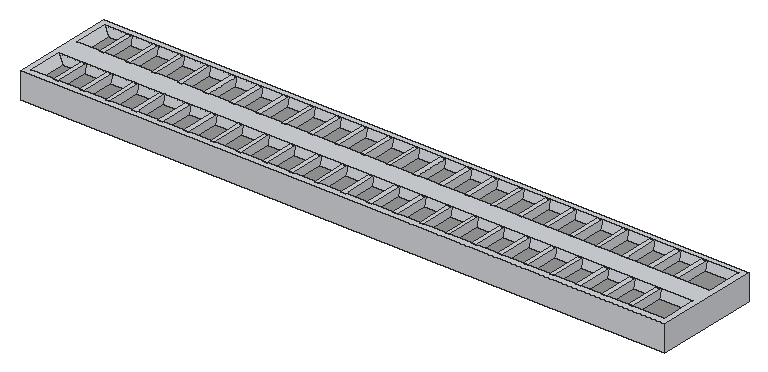
Revit family "0054235 Sylvania Lighting Fixture RANA NEO 7500LM S 1200 840 CC 2L WHITE", category Lighting Fixtures, host Face, Revit 2016
Family settings
  Host = Face
  Part Type = Normal
  Round Connector Dimension = Use Diameter
  OmniClass Number = 23.80.70.00
  OmniClass Title = Lighting
  Cut with Voids When Loaded = No
  Light Source = Yes
  Shared = No
  Room Calculation Point = No
Parameters (values of type "0054235 RANA NEO 7500LM S 1200 840 CC 2L WHT")
  louvre width = 63 mm
  louvre spacing = 165 mm
  louvre Length = 1140 mm
  extrusion length 1 = 10 mm
  Width = 187 mm
  Weight = "n/a"
  Wattage Comments = ""
  Wattage = 193.079 W
  WarrantyStartDate [instance] = "n/a"
  WarrantyGuarantorParts = "n/a"
  WarrantyDurationUnit = "n/a"
  WarrantyDurationParts = ""
  WarrantyDescription = "http://www.sylvania-lighting.com"
  built-in parameter 1150110 = 1 (stored number, unit not read)
  Voltage = 0 V
  URL = "0.95"
  Type Image = <None>
  Type Comments = "n/a"
  built-in parameter 1114217 = 1 (stored number, unit not read)
  Tilt Angle = -90.00°
  built-in parameter 1150109 = 1 (stored number, unit not read)
  built-in parameter 1150134 = (empty or 0)
  built-in parameter 1150113 = 1 (stored number, unit not read)
  SerialNumber [instance] = "n/a"
  Photometric Web File = "0054235.ies"
  Material_3_SYL = none
  PowerFactor = 0.95
  PowerConsumption = "Lighting"
  ModelNumber = "0054235"
  Model = "RANA NEO 7500LM S 1200 840 CC 2L WHITE"
  Material = "Feilo Sylvania"
  ManufacturerName = "132 lm/W"
  Manufacturer = ""
  LuminousEfficacy = ""
  built-in parameter 1150105 = 1536.5 (stored number, unit not read)
  Lumens = 19307.9 lm
  LuminaireType = "0"
  built-in parameter 1150115 = 1 (stored number, unit not read)
  Louvre width = 63 mm
  Louvre depth width = 55 mm
  LightOutputRatio = "LED"
  built-in parameter 1150137 = (empty or 0)
  built-in parameter 1150139 = (empty or 0)
  Length = 1160 mm
  LampsType = Lamp  # "n/a"
  LampNominalLuminous = "4000 K"
  LampMacAdamStep = "80"
  LampColourTemperature = "LED"
  LampColourRenderingIndex = "16500"
  built-in parameter 1150112 = 1 (stored number, unit not read)
  built-in parameter 1150114 = 1 (stored number, unit not read)
  Lamp = "n/a"
  Keynote = "n/a"
  InstallationDate [instance] = "n/a"
  InputVoltage = "0"
  InputNominalFrequency = "4000"
  built-in parameter 1150132 = (empty or 0)
  built-in parameter 1150102 = (empty or 0)
  built-in parameter 1150107 = 3000 (stored number, unit not read)
  built-in parameter 1150138 = (empty or 0)
  IngressProtection = "IfcLightFixtureType"
  ImpactProtectionIndex = "IfcLightFixtureType"
  built-in parameter 1150106 = 15.365 (stored number, unit not read)
  IfcExportType = "IfcLightFixtureType"
  IfcExportAs = "Class I"
  Height = 47 mm
  Extrusion Length 2 = 10 mm
  Emit from Rectangle Width = 282 mm
  Emit from Rectangle Length = 542 mm
  Emit Shape Visible in Rendering = no
  ElectricShockClassification = "132"
  built-in parameter 1150104 = 9.2903 (stored number, unit not read)
  DocumentationLiterature = "http://www.sylvania-lighting.com/product/en-int/products/0054235"
  DimmingControlOptions = "n/a"
  Material_2_SYL = none
  Dimming Lamp Color Temperature Shift = <None>
  Description = "Surface or Suspended LED Linear luminaire with Micro Prismatic Optic, Direct Light Distribution, Luminaire Dimensions: 1160x187x56mm, White body colour, IP20, IK07, Constant Current, Low LED flicker (+/-5%), Neutral White (4000K) LED Colour Temperature, 7500lm, 57W, 131lm/W efficacy, CRI>80, 3 SDCM (3-step MacAdam ellipse) LED Colour Consistency, UGR<18, Luminance at 65° < 3000 cd/m2, Lumen Maintenance: L70B50 at 60,000 hours, Quick electrical connection with push-connectors in the luminaire, Glow Wire Test 850°C."
  Default Elevation = 1219.2 mm
  CreatedOn = "09/03/2020"
  CreatedBy = "@sylvania-lighting.com"
  Cost = 0
  Color Filter = 16777215
  built-in parameter 1114216 [instance] = (empty or 0)
  ClassificationValue = "EF_70_80"
  ClassificationName = "Uniclass2015"
  Material_1_SYL = Body-Sylvania-Rana-White
  BarCode [instance] = "n/a"
  built-in parameter 1114218 = 1 (stored number, unit not read)
  built-in parameter 1150133 = 10 (stored number, unit not read)
  AssetType = "Fixed"
  AssetIdentifier [instance] = "n/a"
  Assembly Code = "D5020200"
  Apparent Load = 57 VA
  Material_4_SYL = none
Reference planes
  plane 1 "Center (Front/Back)": y = 0
  plane 2: z = 0
  plane 3 "Center (Left/Right)": x = 0
  plane 4: x = -570
  plane 5: x = 570
  plane 6: z = -120
  plane 7: z = -3
  plane 8: z = -12
  plane 9: z = -29
  plane 10: z = -60
  plane 11: y = 93.5
  plane 12: y = -93.5
  plane 13: x = -580
  plane 14: x = 580
  plane 15: x = -560
  plane 16: x = 560
  plane 17: x = -666
  plane 18: x = -619
  plane 19: x = -572
  plane 20: x = -525
  plane 21: x = -478
  plane 22: x = -431
  plane 23: x = -384
  plane 24: x = -337
  plane 25: x = -290
  plane 26: x = -243
  plane 27: x = -196
  plane 28: x = -149
  plane 29: x = -102
  plane 30: x = -55
  plane 31: x = -8
  plane 32: x = 39
  plane 33: x = 86
  plane 34: x = 133
  plane 35: x = 180
  plane 36: x = 227
  plane 37: x = 274
  plane 38: x = 321
  plane 39: x = 368
  plane 40: x = 415
  plane 41: x = 462
  plane 42: x = 509
  plane 43: x = -670
  plane 44: x = -662
  plane 45: z = 47
  plane 46: y = -82.5
  plane 47: y = 83.555
  plane 48: x = -700
  plane 49: x = 700
  plane 50: y = -19.5
  plane 51: y = -78.5
  plane 52: y = -23.5
Forms (mm)
  Extrusion 1, solid, detail levels medium+fine
    sketch origin (0, 0, 0) x (1, 0, 0) y (0, 1, 0)
      loop
        line (-580, 93.5) -> (-580, -93.5) -> (580, -93.5) -> (580, 93.5) -> (-580, 93.5)
    from 0 to 47
  Blend 2, void, detail levels medium+fine
    base sketch origin (0, 52.034, 0) x (1, 0, 0) y (0, 1, 0)
      loop
        line (-570, 31.5) -> (-570, -31.5) -> (570, -31.5) -> (570, 31.5) -> (-570, 31.5)
    top sketch origin (0, 52.034, 0) x (1, 0, 0) y (0, 1, 0)
      loop
        line (560, 27.5) -> (-560, 27.5) -> (-560, -27.5) -> (560, -27.5) -> (560, 27.5)
    from 47 to 32
  Extrusion 3, solid, detail levels fine
    sketch origin (141, 22.996, 0) x (1, 0, 0) y (0, 1, 0)
      loop
        line (-670, 60.538) -> (-670, -2.462) -> (-662, -2.462) -> (-662, 60.538) -> (-670, 60.538)
    from 32 to 47
  Extrusion 4, solid, detail levels fine
    sketch origin (188, 22.996, 0) x (1, 0, 0) y (0, 1, 0)
      loop
        line (-670, 60.538) -> (-670, -2.462) -> (-662, -2.462) -> (-662, 60.538) -> (-670, 60.538)
    from 32 to 47
  Extrusion 5, solid, detail levels fine
    sketch origin (235, 22.996, 0) x (1, 0, 0) y (0, 1, 0)
      loop
        line (-670, 60.538) -> (-670, -2.462) -> (-662, -2.462) -> (-662, 60.538) -> (-670, 60.538)
    from 32 to 47
  Extrusion 6, solid, detail levels fine
    sketch origin (282, 22.996, 0) x (1, 0, 0) y (0, 1, 0)
      loop
        line (-670, 60.538) -> (-670, -2.462) -> (-662, -2.462) -> (-662, 60.538) -> (-670, 60.538)
    from 32 to 47
  Extrusion 7, solid, detail levels fine
    sketch origin (329, 22.996, 0) x (1, 0, 0) y (0, 1, 0)
      loop
        line (-670, 60.538) -> (-670, -2.462) -> (-662, -2.462) -> (-662, 60.538) -> (-670, 60.538)
    from 32 to 47
  Extrusion 8, solid, detail levels fine
    sketch origin (376, 22.996, 0) x (1, 0, 0) y (0, 1, 0)
      loop
        line (-670, 60.538) -> (-670, -2.462) -> (-662, -2.462) -> (-662, 60.538) -> (-670, 60.538)
    from 32 to 47
  Extrusion 9, solid, detail levels fine
    sketch origin (423, 22.996, 0) x (1, 0, 0) y (0, 1, 0)
      loop
        line (-670, 60.538) -> (-670, -2.462) -> (-662, -2.462) -> (-662, 60.538) -> (-670, 60.538)
    from 32 to 47
  Extrusion 10, solid, detail levels fine
    sketch origin (470, 22.996, 0) x (1, 0, 0) y (0, 1, 0)
      loop
        line (-670, 60.538) -> (-670, -2.462) -> (-662, -2.462) -> (-662, 60.538) -> (-670, 60.538)
    from 32 to 47
  Extrusion 11, solid, detail levels fine
    sketch origin (517, 22.996, 0) x (1, 0, 0) y (0, 1, 0)
      loop
        line (-670, 60.538) -> (-670, -2.462) -> (-662, -2.462) -> (-662, 60.538) -> (-670, 60.538)
    from 32 to 47
  Extrusion 12, solid, detail levels fine
    sketch origin (564, 22.996, 0) x (1, 0, 0) y (0, 1, 0)
      loop
        line (-670, 60.538) -> (-670, -2.462) -> (-662, -2.462) -> (-662, 60.538) -> (-670, 60.538)
    from 32 to 47
  Extrusion 13, solid, detail levels fine
    sketch origin (611, 22.996, 0) x (1, 0, 0) y (0, 1, 0)
      loop
        line (-670, 60.538) -> (-670, -2.462) -> (-662, -2.462) -> (-662, 60.538) -> (-670, 60.538)
    from 32 to 47
  Extrusion 14, solid, detail levels fine
    sketch origin (705, 22.996, 0) x (1, 0, 0) y (0, 1, 0)
      loop
        line (-670, 60.538) -> (-670, -2.462) -> (-662, -2.462) -> (-662, 60.538) -> (-670, 60.538)
    from 32 to 47
  Extrusion 15, solid, detail levels fine
    sketch origin (752, 22.996, 0) x (1, 0, 0) y (0, 1, 0)
      loop
        line (-670, 60.538) -> (-670, -2.462) -> (-662, -2.462) -> (-662, 60.538) -> (-670, 60.538)
    from 32 to 47
  Extrusion 16, solid, detail levels fine
    sketch origin (799, 22.996, 0) x (1, 0, 0) y (0, 1, 0)
      loop
        line (-670, 60.538) -> (-670, -2.462) -> (-662, -2.462) -> (-662, 60.538) -> (-670, 60.538)
    from 32 to 47
  Extrusion 17, solid, detail levels fine
    sketch origin (846, 22.996, 0) x (1, 0, 0) y (0, 1, 0)
      loop
        line (-670, 60.538) -> (-670, -2.462) -> (-662, -2.462) -> (-662, 60.538) -> (-670, 60.538)
    from 32 to 47
  Extrusion 18, solid, detail levels fine
    sketch origin (893, 22.996, 0) x (1, 0, 0) y (0, 1, 0)
      loop
        line (-670, 60.538) -> (-670, -2.462) -> (-662, -2.462) -> (-662, 60.538) -> (-670, 60.538)
    from 32 to 47
  Extrusion 19, solid, detail levels fine
    sketch origin (940, 22.996, 0) x (1, 0, 0) y (0, 1, 0)
      loop
        line (-670, 60.538) -> (-670, -2.462) -> (-662, -2.462) -> (-662, 60.538) -> (-670, 60.538)
    from 32 to 47
  Extrusion 20, solid, detail levels fine
    sketch origin (987, 22.996, 0) x (1, 0, 0) y (0, 1, 0)
      loop
        line (-670, 60.538) -> (-670, -2.462) -> (-662, -2.462) -> (-662, 60.538) -> (-670, 60.538)
    from 32 to 47
  Extrusion 21, solid, detail levels fine
    sketch origin (1034, 22.996, 0) x (1, 0, 0) y (0, 1, 0)
      loop
        line (-670, 60.538) -> (-670, -2.462) -> (-662, -2.462) -> (-662, 60.538) -> (-670, 60.538)
    from 32 to 47
  Extrusion 22, solid, detail levels fine
    sketch origin (1081, 22.996, 0) x (1, 0, 0) y (0, 1, 0)
      loop
        line (-670, 60.538) -> (-670, -2.462) -> (-662, -2.462) -> (-662, 60.538) -> (-670, 60.538)
    from 32 to 47
  Extrusion 23, solid, detail levels fine
    sketch origin (1128, 22.996, 0) x (1, 0, 0) y (0, 1, 0)
      loop
        line (-670, 60.538) -> (-670, -2.462) -> (-662, -2.462) -> (-662, 60.538) -> (-670, 60.538)
    from 32 to 47
  Extrusion 24, solid, detail levels fine
    sketch origin (1300.966, 22.962, 0) x (1, 0, 0) y (0, 1, 0)
      loop
        line (-796, 60.538) -> (-796, -2.462) -> (-788, -2.462) -> (-788, 60.538) -> (-796, 60.538)
    from 32 to 47
  Extrusion 25, solid, detail levels fine
    sketch origin (658, 22.996, 0) x (1, 0, 0) y (0, 1, 0)
      loop
        line (-670, 60.538) -> (-670, -2.462) -> (-662, -2.462) -> (-662, 60.538) -> (-670, 60.538)
    from 32 to 47
  Extrusion 26, solid, material "Glass, White, High Luminance", detail levels fine
    sketch origin (0.967, 156.629, 0) x (1, 0, 0) y (0, 1, 0)
      loop
        line (-560.967, -77.094) -> (-560.967, -132.094) -> (559.033, -132.094) -> (559.033, -77.094) -> (-560.967, -77.094)
    from 32 to 33
  Extrusion 27, solid, not visible, detail levels fine
    sketch origin (0, 51.341, 0) x (1, 0, 0) y (0, 1, 0)
      loop
        line (-670, 31.659) -> (-670, -31.341) -> (-662, -31.341) -> (-662, 31.659) -> (-670, 31.659)
    from 34.209 to 47
  Extrusion 28, solid, not visible, detail levels fine
    sketch origin (47, 22.996, 0) x (1, 0, 0) y (0, 1, 0)
      loop
        line (-670, 60.004) -> (-670, -2.996) -> (-662, -2.996) -> (-662, 60.004) -> (-670, 60.004)
    from 34.209 to 47
  Extrusion 29, solid, not visible, detail levels fine
    sketch origin (94, 22.996, 0) x (1, 0, 0) y (0, 1, 0)
      loop
        line (-670, 60.004) -> (-670, -2.996) -> (-662, -2.996) -> (-662, 60.004) -> (-670, 60.004)
    from 34.209 to 47
  Extrusion 30, solid, not visible, detail levels fine
    sketch origin (141, 22.996, 0) x (1, 0, 0) y (0, 1, 0)
      loop
        line (-670, 60.004) -> (-670, -2.996) -> (-662, -2.996) -> (-662, 60.004) -> (-670, 60.004)
    from 34.209 to 47
  Extrusion 31, solid, not visible, detail levels fine
    sketch origin (188, 22.996, 0) x (1, 0, 0) y (0, 1, 0)
      loop
        line (-670, 60.004) -> (-670, -2.996) -> (-662, -2.996) -> (-662, 60.004) -> (-670, 60.004)
    from 34.209 to 47
  Extrusion 32, solid, not visible, detail levels fine
    sketch origin (235, 22.996, 0) x (1, 0, 0) y (0, 1, 0)
      loop
        line (-670, 60.004) -> (-670, -2.996) -> (-662, -2.996) -> (-662, 60.004) -> (-670, 60.004)
    from 34.209 to 47
  Extrusion 33, solid, not visible, detail levels fine
    sketch origin (282, 22.996, 0) x (1, 0, 0) y (0, 1, 0)
      loop
        line (-670, 60.004) -> (-670, -2.996) -> (-662, -2.996) -> (-662, 60.004) -> (-670, 60.004)
    from 34.209 to 47
  Extrusion 34, solid, not visible, detail levels fine
    sketch origin (329, 22.996, 0) x (1, 0, 0) y (0, 1, 0)
      loop
        line (-670, 60.004) -> (-670, -2.996) -> (-662, -2.996) -> (-662, 60.004) -> (-670, 60.004)
    from 34.209 to 47
  Extrusion 35, solid, not visible, detail levels fine
    sketch origin (376, 22.996, 0) x (1, 0, 0) y (0, 1, 0)
      loop
        line (-670, 60.004) -> (-670, -2.996) -> (-662, -2.996) -> (-662, 60.004) -> (-670, 60.004)
    from 34.209 to 47
  Extrusion 36, solid, not visible, detail levels fine
    sketch origin (423, 22.996, 0) x (1, 0, 0) y (0, 1, 0)
      loop
        line (-670, 60.004) -> (-670, -2.996) -> (-662, -2.996) -> (-662, 60.004) -> (-670, 60.004)
    from 34.209 to 47
  Extrusion 37, solid, not visible, detail levels fine
    sketch origin (470, 22.996, 0) x (1, 0, 0) y (0, 1, 0)
      loop
        line (-670, 60.004) -> (-670, -2.996) -> (-662, -2.996) -> (-662, 60.004) -> (-670, 60.004)
    from 34.209 to 47
  Extrusion 38, solid, not visible, detail levels fine
    sketch origin (517, 22.996, 0) x (1, 0, 0) y (0, 1, 0)
      loop
        line (-670, 60.004) -> (-670, -2.996) -> (-662, -2.996) -> (-662, 60.004) -> (-670, 60.004)
    from 34.209 to 47
  Extrusion 39, solid, not visible, detail levels fine
    sketch origin (564, 22.996, 0) x (1, 0, 0) y (0, 1, 0)
      loop
        line (-670, 60.004) -> (-670, -2.996) -> (-662, -2.996) -> (-662, 60.004) -> (-670, 60.004)
    from 34.209 to 47
  Extrusion 40, solid, not visible, detail levels fine
    sketch origin (611, 22.996, 0) x (1, 0, 0) y (0, 1, 0)
      loop
        line (-670, 60.004) -> (-670, -2.996) -> (-662, -2.996) -> (-662, 60.004) -> (-670, 60.004)
    from 34.209 to 47
  Extrusion 41, solid, not visible, detail levels fine
    sketch origin (705, 22.996, 0) x (1, 0, 0) y (0, 1, 0)
      loop
        line (-670, 60.004) -> (-670, -2.996) -> (-662, -2.996) -> (-662, 60.004) -> (-670, 60.004)
    from 34.209 to 47
  Extrusion 42, solid, not visible, detail levels fine
    sketch origin (752, 22.996, 0) x (1, 0, 0) y (0, 1, 0)
      loop
        line (-670, 60.004) -> (-670, -2.996) -> (-662, -2.996) -> (-662, 60.004) -> (-670, 60.004)
    from 34.209 to 47
  Extrusion 43, solid, not visible, detail levels fine
    sketch origin (799, 22.996, 0) x (1, 0, 0) y (0, 1, 0)
      loop
        line (-670, 60.004) -> (-670, -2.996) -> (-662, -2.996) -> (-662, 60.004) -> (-670, 60.004)
    from 34.209 to 47
  Extrusion 44, solid, not visible, detail levels fine
    sketch origin (846, 22.996, 0) x (1, 0, 0) y (0, 1, 0)
      loop
        line (-670, 60.004) -> (-670, -2.996) -> (-662, -2.996) -> (-662, 60.004) -> (-670, 60.004)
    from 34.209 to 47
  Extrusion 45, solid, not visible, detail levels fine
    sketch origin (893, 22.996, 0) x (1, 0, 0) y (0, 1, 0)
      loop
        line (-670, 60.004) -> (-670, -2.996) -> (-662, -2.996) -> (-662, 60.004) -> (-670, 60.004)
    from 34.209 to 47
  Extrusion 46, solid, not visible, detail levels fine
    sketch origin (940, 22.996, 0) x (1, 0, 0) y (0, 1, 0)
      loop
        line (-670, 60.132) -> (-670, -2.996) -> (-662, -2.996) -> (-662, 60.132) -> (-670, 60.132)
    from 34.209 to 47
  Extrusion 47, solid, not visible, detail levels fine
    sketch origin (987, 22.996, 0) x (1, 0, 0) y (0, 1, 0)
      loop
        line (-670, 60.004) -> (-670, -2.996) -> (-662, -2.996) -> (-662, 60.004) -> (-670, 60.004)
    from 34.209 to 47
  Extrusion 48, solid, not visible, detail levels fine
    sketch origin (1034, 22.996, 0) x (1, 0, 0) y (0, 1, 0)
      loop
        line (-670, 60.004) -> (-670, -2.996) -> (-662, -2.996) -> (-662, 60.004) -> (-670, 60.004)
    from 34.209 to 47
  Extrusion 49, solid, not visible, detail levels fine
    sketch origin (1081, 22.996, 0) x (1, 0, 0) y (0, 1, 0)
      loop
        line (-670, 60.004) -> (-670, -2.996) -> (-662, -2.996) -> (-662, 60.004) -> (-670, 60.004)
    from 34.209 to 47
  Extrusion 50, solid, not visible, detail levels fine
    sketch origin (1128, 22.996, 0) x (1, 0, 0) y (0, 1, 0)
      loop
        line (-670, 60.132) -> (-670, -2.996) -> (-662, -2.996) -> (-662, 60.132) -> (-670, 60.132)
    from 34.209 to 47
  Extrusion 51, solid, not visible, detail levels fine
    sketch origin (1175, 22.996, 0) x (1, 0, 0) y (0, 1, 0)
      loop
        line (-670, 60.004) -> (-670, -2.996) -> (-662, -2.996) -> (-662, 60.004) -> (-670, 60.004)
    from 34.209 to 47
  Extrusion 52, solid, not visible, detail levels fine
    sketch origin (1222, 22.996, 0) x (1, 0, 0) y (0, 1, 0)
      loop
        line (-670, 60.004) -> (-670, -2.996) -> (-662, -2.996) -> (-662, 60.004) -> (-670, 60.004)
    from 34.209 to 47
  Extrusion 53, solid, not visible, detail levels fine
    sketch origin (1269, 22.996, 0) x (1, 0, 0) y (0, 1, 0)
      loop
        line (-656, 60.004) -> (-656, -2.996) -> (-648, -2.996) -> (-648, 60.004) -> (-656, 60.004)
    from 34.209 to 47
  Extrusion 54, solid, not visible, detail levels fine
    sketch origin (1316, 22.996, 0) x (1, 0, 0) y (0, 1, 0)
      loop
        line (-656, 60.004) -> (-656, -2.996) -> (-648, -2.996) -> (-648, 60.004) -> (-656, 60.004)
    from 34.209 to 47
  Extrusion 55, solid, not visible, detail levels fine
    sketch origin (658, 22.996, 0) x (1, 0, 0) y (0, 1, 0)
      loop
        line (-670, 60.004) -> (-670, -2.996) -> (-662, -2.996) -> (-662, 60.004) -> (-670, 60.004)
    from 34.209 to 47
  Extrusion 56, solid, material <- "Material_4_SYL", not visible, detail levels fine
    sketch origin (0.967, 156.629, 0) x (1, 0, 0) y (0, 1, 0)
      loop
        line (-699.967, -77.629) -> (-699.967, -132.629) -> (700.033, -132.629) -> (700.033, -77.629) -> (-699.967, -77.629)
    from 34.209 to 35.216
  Blend 57, void
    base sketch origin (0, 0, 0) x (1, 0, 0) y (0, 1, 0)
      loop
        line (-570, -19.5) -> (-570, -82.5) -> (570, -82.5) -> (570, -19.5) -> (-570, -19.5)
    top sketch origin (0, 0, 0) x (1, 0, 0) y (0, 1, 0)
      loop
        line (-560, -23.5) -> (-560, -78.5) -> (560, -78.5) -> (560, -23.5) -> (-560, -23.5)
    from 47 to 32
  Extrusion 58, solid, detail levels fine
    sketch origin (141, -53.659, 0) x (1, 0, 0) y (0, 1, 0)
      loop
        line (-670, 34.159) -> (-670, -28.841) -> (-662, -28.841) -> (-662, 34.159) -> (-670, 34.159)
    from 32 to 47
  Extrusion 59, solid, detail levels fine
    sketch origin (188, -53.659, 0) x (1, 0, 0) y (0, 1, 0)
      loop
        line (-670, 34.159) -> (-670, -28.841) -> (-662, -28.841) -> (-662, 34.159) -> (-670, 34.159)
    from 32 to 47
  Extrusion 60, solid, detail levels fine
    sketch origin (235, -53.659, 0) x (1, 0, 0) y (0, 1, 0)
      loop
        line (-670, 34.159) -> (-670, -28.841) -> (-662, -28.841) -> (-662, 34.159) -> (-670, 34.159)
    from 32 to 47
  Extrusion 61, solid, detail levels fine
    sketch origin (282, -53.659, 0) x (1, 0, 0) y (0, 1, 0)
      loop
        line (-670, 34.159) -> (-670, -28.841) -> (-662, -28.841) -> (-662, 34.159) -> (-670, 34.159)
    from 32 to 47
  Extrusion 62, solid, detail levels fine
    sketch origin (329, -53.659, 0) x (1, 0, 0) y (0, 1, 0)
      loop
        line (-670, 34.159) -> (-670, -28.841) -> (-662, -28.841) -> (-662, 34.159) -> (-670, 34.159)
    from 32 to 47
  Extrusion 63, solid, detail levels fine
    sketch origin (376, -53.659, 0) x (1, 0, 0) y (0, 1, 0)
      loop
        line (-670, 34.159) -> (-670, -28.841) -> (-662, -28.841) -> (-662, 34.159) -> (-670, 34.159)
    from 32 to 47
  Extrusion 64, solid, detail levels fine
    sketch origin (423, -53.659, 0) x (1, 0, 0) y (0, 1, 0)
      loop
        line (-670, 34.159) -> (-670, -28.841) -> (-662, -28.841) -> (-662, 34.159) -> (-670, 34.159)
    from 32 to 47
  Extrusion 65, solid, detail levels fine
    sketch origin (470, -53.659, 0) x (1, 0, 0) y (0, 1, 0)
      loop
        line (-670, 34.159) -> (-670, -28.841) -> (-662, -28.841) -> (-662, 34.159) -> (-670, 34.159)
    from 32 to 47
  Extrusion 66, solid, detail levels fine
    sketch origin (517, -53.659, 0) x (1, 0, 0) y (0, 1, 0)
      loop
        line (-670, 34.159) -> (-670, -28.841) -> (-662, -28.841) -> (-662, 34.159) -> (-670, 34.159)
    from 32 to 47
  Extrusion 67, solid, detail levels fine
    sketch origin (564, -53.659, 0) x (1, 0, 0) y (0, 1, 0)
      loop
        line (-670, 34.159) -> (-670, -28.841) -> (-662, -28.841) -> (-662, 34.159) -> (-670, 34.159)
    from 32 to 47
  Extrusion 68, solid, detail levels fine
    sketch origin (611, -53.659, 0) x (1, 0, 0) y (0, 1, 0)
      loop
        line (-670, 34.159) -> (-670, -28.841) -> (-662, -28.841) -> (-662, 34.159) -> (-670, 34.159)
    from 32 to 47
  Extrusion 69, solid, detail levels fine
    sketch origin (658, -53.659, 0) x (1, 0, 0) y (0, 1, 0)
      loop
        line (-670, 34.159) -> (-670, -28.841) -> (-662, -28.841) -> (-662, 34.159) -> (-670, 34.159)
    from 32 to 47
  Extrusion 70, solid, detail levels fine
    sketch origin (705, -53.659, 0) x (1, 0, 0) y (0, 1, 0)
      loop
        line (-670, 34.159) -> (-670, -28.841) -> (-662, -28.841) -> (-662, 34.159) -> (-670, 34.159)
    from 32 to 47
  Extrusion 71, solid, detail levels fine
    sketch origin (752, -53.659, 0) x (1, 0, 0) y (0, 1, 0)
      loop
        line (-670, 34.159) -> (-670, -28.841) -> (-662, -28.841) -> (-662, 34.159) -> (-670, 34.159)
    from 32 to 47
  Extrusion 72, solid, detail levels fine
    sketch origin (799, -53.659, 0) x (1, 0, 0) y (0, 1, 0)
      loop
        line (-670, 34.159) -> (-670, -28.841) -> (-662, -28.841) -> (-662, 34.159) -> (-670, 34.159)
    from 32 to 47
  Extrusion 73, solid, detail levels fine
    sketch origin (846, -53.659, 0) x (1, 0, 0) y (0, 1, 0)
      loop
        line (-670, 34.159) -> (-670, -28.841) -> (-662, -28.841) -> (-662, 34.159) -> (-670, 34.159)
    from 32 to 47
  Extrusion 74, solid, detail levels fine
    sketch origin (893, -53.659, 0) x (1, 0, 0) y (0, 1, 0)
      loop
        line (-670, 34.159) -> (-670, -28.841) -> (-662, -28.841) -> (-662, 34.159) -> (-670, 34.159)
    from 32 to 47
  Extrusion 75, solid, detail levels fine
    sketch origin (940, -53.659, 0) x (1, 0, 0) y (0, 1, 0)
      loop
        line (-670, 34.159) -> (-670, -28.841) -> (-662, -28.841) -> (-662, 34.159) -> (-670, 34.159)
    from 32 to 47
  Extrusion 76, solid, detail levels fine
    sketch origin (987, -53.659, 0) x (1, 0, 0) y (0, 1, 0)
      loop
        line (-670, 34.159) -> (-670, -28.841) -> (-662, -28.841) -> (-662, 34.159) -> (-670, 34.159)
    from 32 to 47
  Extrusion 77, solid, detail levels fine
    sketch origin (1034, -53.659, 0) x (1, 0, 0) y (0, 1, 0)
      loop
        line (-670, 34.159) -> (-670, -28.841) -> (-662, -28.841) -> (-662, 34.159) -> (-670, 34.159)
    from 32 to 47
  Extrusion 78, solid, detail levels fine
    sketch origin (1081, -53.659, 0) x (1, 0, 0) y (0, 1, 0)
      loop
        line (-670, 34.159) -> (-670, -28.841) -> (-662, -28.841) -> (-662, 34.159) -> (-670, 34.159)
    from 32 to 47
  Extrusion 79, solid, detail levels fine
    sketch origin (1128, -53.659, 0) x (1, 0, 0) y (0, 1, 0)
      loop
        line (-670, 34.159) -> (-670, -28.841) -> (-662, -28.841) -> (-662, 34.159) -> (-670, 34.159)
    from 32 to 47
  Extrusion 80, solid, detail levels fine
    sketch origin (1175, -53.659, 0) x (1, 0, 0) y (0, 1, 0)
      loop
        line (-670, 34.159) -> (-670, -28.841) -> (-662, -28.841) -> (-662, 34.159) -> (-670, 34.159)
    from 32 to 47
  Extrusion 81, solid, material "Glass, White, High Luminance", detail levels fine
    sketch origin (0, 0, 0) x (1, 0, 0) y (0, 1, 0)
      loop
        line (-560, -23.5) -> (-560, -78.5) -> (560, -78.5) -> (560, -23.5) -> (-560, -23.5)
    from 33 to 32
  Extrusion 82, solid, detail levels coarse
    sketch origin (0, 0, 0) x (1, 0, 0) y (0, 1, 0)
      loop
        line (-580, 93.5) -> (-580, -93.5) -> (580, -93.5) -> (580, 93.5) -> (-580, 93.5)
    from 0 to 47
Cuts and joins
  Blend 2, Blend 57 cuts Extrusion 1
Dimensions and locks
  equal spacing: plane 4, plane 3 "Center (Left/Right)", plane 5
  locked: plane 2 to plane 6 at 120
  locked: plane 2 to plane 7 at 3
  locked: plane 2 to plane 8 at 12
  locked: plane 9 to plane 8 at 17
  locked: plane 2 to plane 10 at 60
  "louvre Length": plane 4 to plane 5
  "Width": plane 11 to plane 12
  equal spacing: plane 11, plane 1 "Center (Front/Back)", plane 12
  "Length": plane 13 to plane 14
  equal spacing: plane 13, plane 3 "Center (Left/Right)", plane 14
  "extrusion length 1": plane 4 to plane 15
  "Extrusion Length 2": plane 16 to plane 5
  "Height": plane 45 to level
  "louvre width": plane 50 to plane 46
  aligned and locked: plane 2 to host face
  aligned and locked: level to host face
Automatic sketch dimensions
  Extrusion 27 sketch curve to Extrusion 27 sketch curve = 8 mm
  Extrusion 27 sketch curve to Extrusion 27 sketch curve = 63 mm
  Extrusion 28 sketch curve to Extrusion 28 sketch curve = 8 mm
  Extrusion 28 sketch curve to Extrusion 28 sketch curve = 63 mm
  Extrusion 29 sketch curve to Extrusion 29 sketch curve = 8 mm
  Extrusion 29 sketch curve to Extrusion 29 sketch curve = 63 mm
  Extrusion 30 sketch curve to Extrusion 30 sketch curve = 8 mm
  Extrusion 30 sketch curve to Extrusion 30 sketch curve = 63 mm
  Extrusion 31 sketch curve to Extrusion 31 sketch curve = 8 mm
  Extrusion 31 sketch curve to Extrusion 31 sketch curve = 63 mm
  Extrusion 32 sketch curve to Extrusion 32 sketch curve = 8 mm
  Extrusion 32 sketch curve to Extrusion 32 sketch curve = 63 mm
  Extrusion 33 sketch curve to Extrusion 33 sketch curve = 8 mm
  Extrusion 33 sketch curve to Extrusion 33 sketch curve = 63 mm
  Extrusion 34 sketch curve to Extrusion 34 sketch curve = 8 mm
  Extrusion 34 sketch curve to Extrusion 34 sketch curve = 63 mm
  Extrusion 35 sketch curve to Extrusion 35 sketch curve = 8 mm
  Extrusion 35 sketch curve to Extrusion 35 sketch curve = 63 mm
  Extrusion 36 sketch curve to Extrusion 36 sketch curve = 8 mm
  Extrusion 36 sketch curve to Extrusion 36 sketch curve = 63 mm
  Extrusion 37 sketch curve to Extrusion 37 sketch curve = 8 mm
  Extrusion 37 sketch curve to Extrusion 37 sketch curve = 63 mm
  Extrusion 38 sketch curve to Extrusion 38 sketch curve = 8 mm
  Extrusion 38 sketch curve to Extrusion 38 sketch curve = 63 mm
  Extrusion 39 sketch curve to Extrusion 39 sketch curve = 8 mm
  Extrusion 39 sketch curve to Extrusion 39 sketch curve = 63 mm
  Extrusion 40 sketch curve to Extrusion 40 sketch curve = 8 mm
  Extrusion 40 sketch curve to Extrusion 40 sketch curve = 63 mm
  Extrusion 41 sketch curve to Extrusion 41 sketch curve = 8 mm
  Extrusion 41 sketch curve to Extrusion 41 sketch curve = 63 mm
  Extrusion 42 sketch curve to Extrusion 42 sketch curve = 8 mm
  Extrusion 42 sketch curve to Extrusion 42 sketch curve = 63 mm
  Extrusion 43 sketch curve to Extrusion 43 sketch curve = 8 mm
  Extrusion 43 sketch curve to Extrusion 43 sketch curve = 63 mm
  Extrusion 44 sketch curve to Extrusion 44 sketch curve = 8 mm
  Extrusion 44 sketch curve to Extrusion 44 sketch curve = 63 mm
  Extrusion 45 sketch curve to Extrusion 45 sketch curve = 8 mm
  Extrusion 45 sketch curve to Extrusion 45 sketch curve = 63 mm
  Extrusion 46 sketch curve to Extrusion 46 sketch curve = 8 mm
  Extrusion 46 sketch curve to Extrusion 46 sketch curve = 63.129 mm
  Extrusion 47 sketch curve to Extrusion 47 sketch curve = 8 mm
  Extrusion 47 sketch curve to Extrusion 47 sketch curve = 63 mm
  Extrusion 48 sketch curve to Extrusion 48 sketch curve = 8 mm
  Extrusion 48 sketch curve to Extrusion 48 sketch curve = 63 mm
  Extrusion 49 sketch curve to Extrusion 49 sketch curve = 8 mm
  Extrusion 49 sketch curve to Extrusion 49 sketch curve = 63 mm
  Extrusion 50 sketch curve to Extrusion 50 sketch curve = 8 mm
  Extrusion 50 sketch curve to Extrusion 50 sketch curve = 63.129 mm
  Extrusion 51 sketch curve to Extrusion 51 sketch curve = 8 mm
  Extrusion 51 sketch curve to Extrusion 51 sketch curve = 63 mm
  Extrusion 52 sketch curve to Extrusion 52 sketch curve = 8 mm
  Extrusion 52 sketch curve to Extrusion 52 sketch curve = 63 mm
  Extrusion 53 sketch curve to Extrusion 53 sketch curve = 8 mm
  Extrusion 53 sketch curve to Extrusion 53 sketch curve = 63 mm
  Extrusion 54 sketch curve to Extrusion 54 sketch curve = 8 mm
  Extrusion 54 sketch curve to Extrusion 54 sketch curve = 63 mm
  Extrusion 55 sketch curve to Extrusion 55 sketch curve = 8 mm
  Extrusion 55 sketch curve to Extrusion 55 sketch curve = 63 mm
  Extrusion 56 sketch curve to Extrusion 56 sketch curve = 1400 mm
  Extrusion 56 sketch curve to Extrusion 56 sketch curve = 55 mm
  host sketch curve to host sketch curve = 1885.866 mm
  host sketch curve to host sketch curve = 1211.616 mm
  Extrusion 1 sketch curve to plane 12 = 0 mm
  Extrusion 1 sketch curve to plane 13 = 0 mm
  Extrusion 1 sketch curve to plane 14 = 0 mm
  Extrusion 1 sketch curve to plane 11 = 0 mm
  Blend 2 sketch curve to plane 4 = 0 mm
  Blend 2 sketch curve to plane 5 = 0 mm
  Blend 2 sketch curve to plane 1 "Center (Front/Back)" = 20.534 mm
  plane 47 to Blend 2 sketch curve = 0.02 mm
  Blend 2 sketch curve to plane 15 = 0 mm
  Blend 2 sketch curve to plane 16 = 0 mm
  Blend 2 sketch curve to plane 1 "Center (Front/Back)" = 24.534 mm
  plane 47 to Blend 2 sketch curve = 4.02 mm
  Extrusion 3 sketch curve to plane 20 = 4 mm
  plane 20 to Extrusion 3 sketch curve = 4 mm
  Extrusion 3 sketch curve to plane 1 "Center (Front/Back)" = 20.534 mm
  plane 47 to Extrusion 3 sketch curve = 0.02 mm
  Extrusion 4 sketch curve to plane 21 = 4 mm
  plane 21 to Extrusion 4 sketch curve = 4 mm
  Extrusion 4 sketch curve to plane 1 "Center (Front/Back)" = 20.534 mm
  plane 47 to Extrusion 4 sketch curve = 0.02 mm
  Extrusion 5 sketch curve to plane 22 = 4 mm
  plane 22 to Extrusion 5 sketch curve = 4 mm
  Extrusion 5 sketch curve to plane 1 "Center (Front/Back)" = 20.534 mm
  plane 47 to Extrusion 5 sketch curve = 0.02 mm
  Extrusion 6 sketch curve to plane 23 = 4 mm
  plane 23 to Extrusion 6 sketch curve = 4 mm
  Extrusion 6 sketch curve to plane 1 "Center (Front/Back)" = 20.534 mm
  plane 47 to Extrusion 6 sketch curve = 0.02 mm
  Extrusion 7 sketch curve to plane 24 = 4 mm
  plane 24 to Extrusion 7 sketch curve = 4 mm
  Extrusion 7 sketch curve to plane 1 "Center (Front/Back)" = 20.534 mm
  plane 47 to Extrusion 7 sketch curve = 0.02 mm
  Extrusion 8 sketch curve to plane 25 = 4 mm
  plane 25 to Extrusion 8 sketch curve = 4 mm
  Extrusion 8 sketch curve to plane 1 "Center (Front/Back)" = 20.534 mm
  plane 47 to Extrusion 8 sketch curve = 0.02 mm
  Extrusion 9 sketch curve to plane 26 = 4 mm
  plane 26 to Extrusion 9 sketch curve = 4 mm
  Extrusion 9 sketch curve to plane 1 "Center (Front/Back)" = 20.534 mm
  plane 47 to Extrusion 9 sketch curve = 0.02 mm
  Extrusion 10 sketch curve to plane 27 = 4 mm
  plane 27 to Extrusion 10 sketch curve = 4 mm
  Extrusion 10 sketch curve to plane 1 "Center (Front/Back)" = 20.534 mm
  plane 47 to Extrusion 10 sketch curve = 0.02 mm
  Extrusion 11 sketch curve to plane 28 = 4 mm
  plane 28 to Extrusion 11 sketch curve = 4 mm
  Extrusion 11 sketch curve to plane 1 "Center (Front/Back)" = 20.534 mm
  plane 47 to Extrusion 11 sketch curve = 0.02 mm
  Extrusion 12 sketch curve to plane 29 = 4 mm
  plane 29 to Extrusion 12 sketch curve = 4 mm
  Extrusion 12 sketch curve to plane 1 "Center (Front/Back)" = 20.534 mm
  plane 47 to Extrusion 12 sketch curve = 0.02 mm
  Extrusion 13 sketch curve to plane 30 = 4 mm
  plane 30 to Extrusion 13 sketch curve = 4 mm
  Extrusion 13 sketch curve to plane 1 "Center (Front/Back)" = 20.534 mm
  plane 47 to Extrusion 13 sketch curve = 0.02 mm
  Extrusion 14 sketch curve to plane 32 = 4 mm
  plane 32 to Extrusion 14 sketch curve = 4 mm
  Extrusion 14 sketch curve to plane 1 "Center (Front/Back)" = 20.534 mm
  plane 47 to Extrusion 14 sketch curve = 0.02 mm
  Extrusion 15 sketch curve to plane 33 = 4 mm
  plane 33 to Extrusion 15 sketch curve = 4 mm
  Extrusion 15 sketch curve to plane 1 "Center (Front/Back)" = 20.534 mm
  plane 47 to Extrusion 15 sketch curve = 0.02 mm
  Extrusion 16 sketch curve to plane 34 = 4 mm
  plane 34 to Extrusion 16 sketch curve = 4 mm
  Extrusion 16 sketch curve to plane 1 "Center (Front/Back)" = 20.534 mm
  plane 47 to Extrusion 16 sketch curve = 0.02 mm
  Extrusion 17 sketch curve to plane 35 = 4 mm
  plane 35 to Extrusion 17 sketch curve = 4 mm
  Extrusion 17 sketch curve to plane 1 "Center (Front/Back)" = 20.534 mm
  plane 47 to Extrusion 17 sketch curve = 0.02 mm
  Extrusion 18 sketch curve to plane 36 = 4 mm
  plane 36 to Extrusion 18 sketch curve = 4 mm
  Extrusion 18 sketch curve to plane 1 "Center (Front/Back)" = 20.534 mm
  plane 47 to Extrusion 18 sketch curve = 0.02 mm
  Extrusion 19 sketch curve to plane 37 = 4 mm
  plane 37 to Extrusion 19 sketch curve = 4 mm
  Extrusion 19 sketch curve to plane 1 "Center (Front/Back)" = 20.534 mm
  plane 47 to Extrusion 19 sketch curve = 0.02 mm
  Extrusion 20 sketch curve to plane 38 = 4 mm
  plane 38 to Extrusion 20 sketch curve = 4 mm
  Extrusion 20 sketch curve to plane 1 "Center (Front/Back)" = 20.534 mm
  plane 47 to Extrusion 20 sketch curve = 0.02 mm
  Extrusion 21 sketch curve to plane 39 = 4 mm
  plane 39 to Extrusion 21 sketch curve = 4 mm
  Extrusion 21 sketch curve to plane 1 "Center (Front/Back)" = 20.534 mm
  plane 47 to Extrusion 21 sketch curve = 0.02 mm
  Extrusion 22 sketch curve to plane 40 = 4 mm
  plane 40 to Extrusion 22 sketch curve = 4 mm
  Extrusion 22 sketch curve to plane 1 "Center (Front/Back)" = 20.534 mm
  plane 47 to Extrusion 22 sketch curve = 0.02 mm
  Extrusion 23 sketch curve to plane 41 = 4 mm
  plane 41 to Extrusion 23 sketch curve = 4 mm
  Extrusion 23 sketch curve to plane 1 "Center (Front/Back)" = 20.534 mm
  plane 47 to Extrusion 23 sketch curve = 0.02 mm
  Extrusion 24 sketch curve to plane 1 "Center (Front/Back)" = 20.5 mm
  plane 47 to Extrusion 24 sketch curve = 0.055 mm
  Extrusion 25 sketch curve to plane 31 = 4 mm
  Extrusion 25 sketch curve to plane 3 "Center (Left/Right)" = 4 mm
  Extrusion 25 sketch curve to plane 1 "Center (Front/Back)" = 20.534 mm
  plane 47 to Extrusion 25 sketch curve = 0.02 mm
  Extrusion 26 sketch curve to plane 15 = 0 mm
  plane 16 to Extrusion 26 sketch curve = 0 mm
  Extrusion 26 sketch curve to plane 1 "Center (Front/Back)" = 24.534 mm
  plane 47 to Extrusion 26 sketch curve = 4.02 mm
  Blend 57 sketch curve to plane 4 = 0 mm
  Blend 57 sketch curve to plane 5 = 0 mm
  Blend 57 sketch curve to plane 46 = 0 mm
  Blend 57 sketch curve to plane 50 = 0 mm
  Blend 57 sketch curve to plane 15 = 0 mm
  Blend 57 sketch curve to plane 16 = 0 mm
  Blend 57 sketch curve to plane 51 = 0 mm
  Blend 57 sketch curve to plane 52 = 0 mm
  Extrusion 58 sketch curve to plane 46 = 0 mm
  Extrusion 58 sketch curve to plane 50 = 0 mm
  Extrusion 58 sketch curve to plane 20 = 4 mm
  plane 20 to Extrusion 58 sketch curve = 4 mm
  Extrusion 59 sketch curve to plane 46 = 0 mm
  Extrusion 59 sketch curve to plane 50 = 0 mm
  Extrusion 59 sketch curve to plane 21 = 4 mm
  plane 21 to Extrusion 59 sketch curve = 4 mm
  Extrusion 60 sketch curve to plane 46 = 0 mm
  Extrusion 60 sketch curve to plane 50 = 0 mm
  Extrusion 60 sketch curve to plane 22 = 4 mm
  plane 22 to Extrusion 60 sketch curve = 4 mm
  Extrusion 61 sketch curve to plane 46 = 0 mm
  Extrusion 61 sketch curve to plane 50 = 0 mm
  Extrusion 61 sketch curve to plane 23 = 4 mm
  plane 23 to Extrusion 61 sketch curve = 4 mm
  Extrusion 62 sketch curve to plane 46 = 0 mm
  Extrusion 62 sketch curve to plane 50 = 0 mm
  Extrusion 62 sketch curve to plane 24 = 4 mm
  plane 24 to Extrusion 62 sketch curve = 4 mm
  Extrusion 63 sketch curve to plane 46 = 0 mm
  Extrusion 63 sketch curve to plane 50 = 0 mm
  Extrusion 63 sketch curve to plane 25 = 4 mm
  plane 25 to Extrusion 63 sketch curve = 4 mm
  Extrusion 64 sketch curve to plane 46 = 0 mm
  Extrusion 64 sketch curve to plane 50 = 0 mm
  Extrusion 64 sketch curve to plane 26 = 4 mm
  plane 26 to Extrusion 64 sketch curve = 4 mm
  Extrusion 65 sketch curve to plane 46 = 0 mm
  Extrusion 65 sketch curve to plane 50 = 0 mm
  Extrusion 65 sketch curve to plane 27 = 4 mm
  plane 27 to Extrusion 65 sketch curve = 4 mm
  Extrusion 66 sketch curve to plane 46 = 0 mm
  Extrusion 66 sketch curve to plane 50 = 0 mm
  Extrusion 66 sketch curve to plane 28 = 4 mm
  plane 28 to Extrusion 66 sketch curve = 4 mm
  Extrusion 67 sketch curve to plane 46 = 0 mm
  Extrusion 67 sketch curve to plane 50 = 0 mm
  Extrusion 67 sketch curve to plane 29 = 4 mm
  plane 29 to Extrusion 67 sketch curve = 4 mm
  Extrusion 68 sketch curve to plane 46 = 0 mm
  Extrusion 68 sketch curve to plane 50 = 0 mm
  Extrusion 68 sketch curve to plane 30 = 4 mm
  plane 30 to Extrusion 68 sketch curve = 4 mm
  Extrusion 69 sketch curve to plane 46 = 0 mm
  Extrusion 69 sketch curve to plane 50 = 0 mm
  Extrusion 69 sketch curve to plane 31 = 4 mm
  Extrusion 69 sketch curve to plane 3 "Center (Left/Right)" = 4 mm
  Extrusion 70 sketch curve to plane 46 = 0 mm
  Extrusion 70 sketch curve to plane 50 = 0 mm
  Extrusion 70 sketch curve to plane 32 = 4 mm
  plane 32 to Extrusion 70 sketch curve = 4 mm
  Extrusion 71 sketch curve to plane 46 = 0 mm
  Extrusion 71 sketch curve to plane 50 = 0 mm
  Extrusion 71 sketch curve to plane 33 = 4 mm
  plane 33 to Extrusion 71 sketch curve = 4 mm
  Extrusion 72 sketch curve to plane 46 = 0 mm
  Extrusion 72 sketch curve to plane 50 = 0 mm
  Extrusion 72 sketch curve to plane 34 = 4 mm
  plane 34 to Extrusion 72 sketch curve = 4 mm
  Extrusion 73 sketch curve to plane 46 = 0 mm
  Extrusion 73 sketch curve to plane 50 = 0 mm
  Extrusion 73 sketch curve to plane 35 = 4 mm
  plane 35 to Extrusion 73 sketch curve = 4 mm
  Extrusion 74 sketch curve to plane 46 = 0 mm
  Extrusion 74 sketch curve to plane 50 = 0 mm
  Extrusion 74 sketch curve to plane 36 = 4 mm
  plane 36 to Extrusion 74 sketch curve = 4 mm
  Extrusion 75 sketch curve to plane 46 = 0 mm
  Extrusion 75 sketch curve to plane 50 = 0 mm
  Extrusion 75 sketch curve to plane 37 = 4 mm
  plane 37 to Extrusion 75 sketch curve = 4 mm
  Extrusion 76 sketch curve to plane 46 = 0 mm
  Extrusion 76 sketch curve to plane 50 = 0 mm
  Extrusion 76 sketch curve to plane 38 = 4 mm
  plane 38 to Extrusion 76 sketch curve = 4 mm
  Extrusion 77 sketch curve to plane 46 = 0 mm
  Extrusion 77 sketch curve to plane 50 = 0 mm
  Extrusion 77 sketch curve to plane 39 = 4 mm
  plane 39 to Extrusion 77 sketch curve = 4 mm
  Extrusion 78 sketch curve to plane 46 = 0 mm
  Extrusion 78 sketch curve to plane 50 = 0 mm
  Extrusion 78 sketch curve to plane 40 = 4 mm
  plane 40 to Extrusion 78 sketch curve = 4 mm
  Extrusion 79 sketch curve to plane 46 = 0 mm
  Extrusion 79 sketch curve to plane 50 = 0 mm
  Extrusion 79 sketch curve to plane 41 = 4 mm
  plane 41 to Extrusion 79 sketch curve = 4 mm
  Extrusion 80 sketch curve to plane 46 = 0 mm
  Extrusion 80 sketch curve to plane 50 = 0 mm
  Extrusion 80 sketch curve to plane 42 = 4 mm
  plane 42 to Extrusion 80 sketch curve = 4 mm
  Extrusion 81 sketch curve to plane 15 = 0 mm
  Extrusion 81 sketch curve to plane 16 = 0 mm
  Extrusion 81 sketch curve to plane 51 = 0 mm
  Extrusion 81 sketch curve to plane 52 = 0 mm
  Extrusion 82 sketch curve to plane 12 = 0 mm
  Extrusion 82 sketch curve to plane 13 = 0 mm
  Extrusion 82 sketch curve to plane 14 = 0 mm
  Extrusion 82 sketch curve to plane 11 = 0 mm
  Extrusion 24 sketch curve to plane 42 = 4.034 mm
  plane 42 to Extrusion 24 sketch curve = 3.966 mm
Connectors
  electrical at (0, 0, 0)
    settings: on cut or joined group of Extrusion 1, Blend 2, Blend 57, index 1, voltage 0 V, apparent load 0 VA, apparent load phase1 0 VA, apparent load phase2 0 VA, apparent load phase3 0 VA, power factor 1, load classification "Other", number of poles 1, system type 31, power factor state 1, is connector primary yes, connector utility no, sub classification motor no, connector description ""
